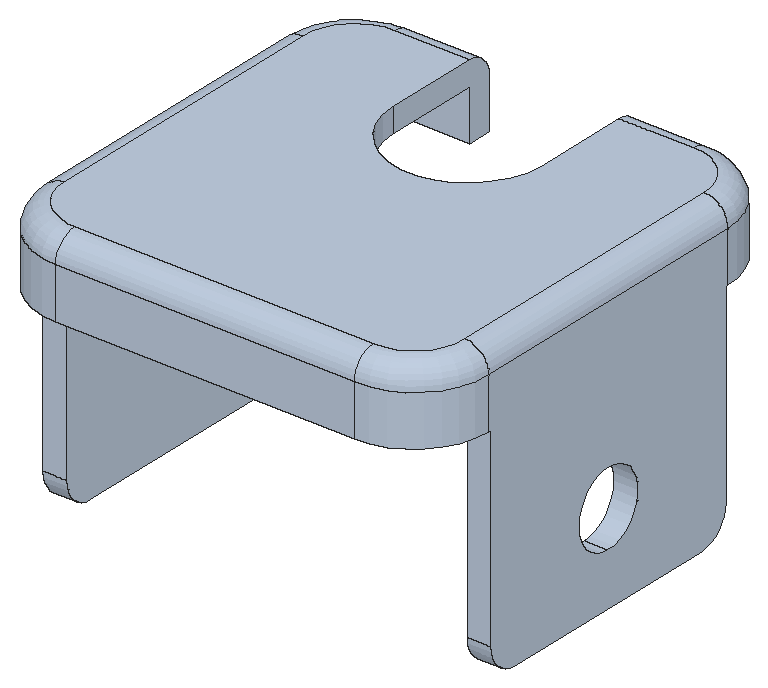
Revit family "BP-t", category 機械設備, Revit 2020
Family settings
  丸型コネクタ寸法 = 直径を使用
  種別 = なし
  パーツ タイプ = 標準
  作業面ベース = いいえ
  常に垂直 = はい
  ロード時にボイドで切り取り = いいえ
  共有 = いいえ
  部屋計算ポイント = いいえ
Parameters (values of type "BPﾄｯﾌﾟ")
  既定の高さ = 0 mm
  BPﾄｯﾌﾟ ﾏﾃﾘｱﾙ [instance] = 溶融亜鉛メッキ
Reference planes
  plane 1 "中心(正面/背面)": y = 0
  plane 2: z = 0
  plane 3 "中心(左/右)": x = 0
Forms (mm)
  Extrusion 1, solid, material "溶融亜鉛メッキ" <- "BPﾄｯﾌﾟ ﾏﾃﾘｱﾙ"
    sketch origin (0, -0.175, 0) x (1, 0, 0) y (0, 1, 0)
      loop
        line (-5, 6.4) -> (-10, 6.4)
        arc (-10, 6.4) -> (-12.404, 5.404) -> (-13.4, 3) r 3.4
        line (-13.4, 3) -> (-13.4, -17)
        arc (-13.4, -17) -> (-12.404, -19.404) -> (-10, -20.4) r 3.4
        line (-10, -20.4) -> (10, -20.4)
        arc (10, -20.4) -> (12.404, -19.404) -> (13.4, -17) r 3.4
        line (13.4, -17) -> (13.4, 3)
        arc (13.4, 3) -> (12.404, 5.404) -> (10, 6.4) r 3.4
        line (10, 6.4) -> (5, 6.4) -> (5, 0)
        arc (5, 0) -> (0, -5) -> (-5, 0) r 5
        line (-5, 0) -> (-5, 6.4)
    from 0 to -1.6
  Sweep 2, solid, material "溶融亜鉛メッキ" <- "BPﾄｯﾌﾟ ﾏﾃﾘｱﾙ"
    path origin (0, -0.175, 0) x (1, 0, 0) y (0, 1, 0)
      loop
        line (-5, 6.4) -> (-10, 6.4)
        arc (-10, 6.4) -> (-12.404, 5.404) -> (-13.4, 3) r 3.4
        line (-13.4, 3) -> (-13.4, -17)
        arc (-13.4, -17) -> (-12.404, -19.404) -> (-10, -20.4) r 3.4
        line (-10, -20.4) -> (10, -20.4)
        arc (10, -20.4) -> (12.404, -19.404) -> (13.4, -17) r 3.4
        line (13.4, -17) -> (13.4, 3)
        arc (13.4, 3) -> (12.404, 5.404) -> (10, 6.4) r 3.4
        line (10, 6.4) -> (5, 6.4)
    profile origin (-7.5, 6.225, 0) x (0, -1, 0) y (0, 0, 1)
      loop
        line (-1.6, -1.6) -> (-1.6, -5) -> (0, -5) -> (0, 0)
        arc (0, 0) -> (-1.131, -0.469) -> (-1.6, -1.6) r 1.6
  Extrusion 3, solid, material "溶融亜鉛メッキ" <- "BPﾄｯﾌﾟ ﾏﾃﾘｱﾙ"
    sketch origin (0, -0.175, 0) x (0, -1, 0) y (0, 0, 1)
      loop
        line (16.8, -18) -> (16.8, -5) -> (-2.8, -5) -> (-2.8, -18)
        arc (-2.8, -18) -> (-2.214, -19.414) -> (-0.8, -20) r 2
        line (-0.8, -20) -> (14.8, -20)
        arc (14.8, -20) -> (16.214, -19.414) -> (16.8, -18) r 2
      loop
        circle (7, -14) r 2.5
    from -13.4 to -15
  Extrusion 4, solid, material "溶融亜鉛メッキ" <- "BPﾄｯﾌﾟ ﾏﾃﾘｱﾙ"
    sketch origin (0, -0.175, 0) x (0, -1, 0) y (0, 0, 1)
      loop
        line (-2.8, -5) -> (-2.8, -18)
        arc (-2.8, -18) -> (-2.214, -19.414) -> (-0.8, -20) r 2
        line (-0.8, -20) -> (14.8, -20)
        arc (14.8, -20) -> (16.214, -19.414) -> (16.8, -18) r 2
        line (16.8, -18) -> (16.8, -5) -> (-2.8, -5)
      loop
        circle (7, -10) r 2.5
    from 15 to 13.4
Cuts and joins
  joined: Extrusion 1, Sweep 2, Extrusion 3, Extrusion 4
Dimensions and locks
  aligned and locked: level to plane 2
